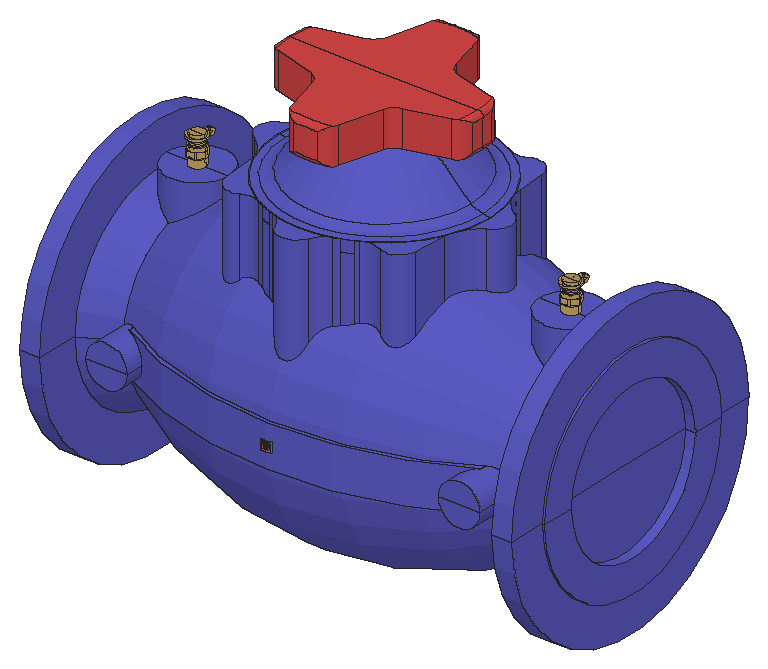
Revit family "Strangregulierventil für Differenzdruckmessung, Geradsitzform 4218 GMF", category Rohrzubehör, Revit 2021
Family settings
  Bemaßung runder Anschluss = Durchmesser verwenden
  Teiletyp = Unterbricht
  OmniClass-Nummer = 23.65.55.14
  OmniClass-Titel = Valves for Liquid Services
  Arbeitsebenenbasiert = Nein
  Immer vertikal = Ja
  Beim Laden mit Abzugskörper schneiden = Nein
  Gemeinsam genutzt = Nein
Parameters
  kvs-Wert [instance] = if(Nennweite = 25.00 mm, 11.53, if(Nennweite = 32.00 mm, 16.6, if(Nennweite = 40.00 mm, 28.6, if(Nennweite = 50.00 mm, 37.84, if(Nennweite = 65.00 mm, 60.3, if(Nennweite = 80.00 mm, 67.8, if(Nennweite = 100.00 mm, 99.55, if(Nennweite = 125.00 mm, 186.58, if(Nennweite = 150.00 mm, 279.05, 0)))))))))  # 279.05
  W02 = 60.00°  # constant formula
  W01 [instance] = if(Nennweite = 25.00 mm, 10.00°, if(Nennweite = 32.00 mm, 10.00°, if(Nennweite = 40.00 mm, 15.00°, if(Nennweite = 50.00 mm, 10.00°, if(Nennweite = 65.00 mm, 25.00°, if(Nennweite = 80.00 mm, 25.00°, 0.80°))))))  # 0.80°
  Vorgabe-Ansicht = 0.00 mm
  Ventiloberteil (bis DN100) = "Messing"  # constant formula
  Ventiloberteil (ab DN125) = "Grauguss"  # constant formula
  Ventilgehäuse = "Grauguss GJL 250 nach EN 1561"  # constant formula
  URL = "www.herz-armaturen.at"
  SCRNSEQ = "ARM;ARM_TYP=\"STRV\";2"
  SCRNCODE = "05;07;02"  # constant formula
  S01 [instance] = Nennweite + 10.00 mm  # 160.00 mm
  R02 [instance] = size_lookup("4218_GMF_", "R2", 1.00 mm, Nennweite)  # 30.00 mm
  R01 [instance] = size_lookup("4218_GMF_", "R1", 1.00 mm, Nennweite)  # 20.00 mm
  O-Ringe = "EPDM"  # constant formula
  Nennweite [instance] = 150.00 mm
  Medium = "Heizwasserqualität entsprechend ÖNORM H 5195 bzw. VDI Richtlinie 2035.\r\nEthylen und Propylenglykol können in einem Verhältnis von 25-50 vol. [%] gemischt werden."
  Max. Betriebstemperatur (bis DN32) = 130 °C  # constant formula
  Max. Betriebstemperatur (ab DN40) = 110 °C  # constant formula
  Max. Betriebsdruck = 1600000.0 Pa  # constant formula
  L03 [instance] = size_lookup("4218_GMF_", "L3", 1.00 mm, Nennweite)  # 180.00 mm
  L02 [instance] = size_lookup("4218_GMF_", "L2", 1.00 mm, Nennweite)  # 170.00 mm
  L01 [instance] = size_lookup("4218_GMF_", "L1", 1.00 mm, Nennweite)  # 185.00 mm
  L00 [instance] = size_lookup("4218_GMF_", "L", 1.00 mm, Nennweite)  # 480.00 mm
  Hersteller = "HERZ Armaturen Ges.m.b.H."  # constant formula
  H08 [instance] = H02 + H04  # 238.50 mm
  H07 = 10.00 mm  # constant formula
  H06 [instance] = size_lookup("4218_GMF_", "H6", 1.00 mm, Nennweite)  # 56.00 mm
  H05 [instance] = size_lookup("4218_GMF_", "H5", 1.00 mm, Nennweite)  # 11.00 mm
  H04 [instance] = size_lookup("4218_GMF_", "H4", 1.00 mm, Nennweite)  # 78.50 mm
  H03 [instance] = size_lookup("4218_GMF_", "H3", 1.00 mm, Nennweite)  # 118.00 mm
  H02N [instance] = H02 + 11.00 mm  # 171.00 mm
  H02 [instance] = size_lookup("4218_GMF_", "H2", 1.00 mm, Nennweite)  # 160.00 mm
  H01 [instance] = size_lookup("4218_GMF_", "H1", 1.00 mm, Nennweite)  # 122.00 mm
  GT = 10.00 mm  # constant formula
  FLL02 [instance] = size_lookup("4218_GMF_", "FLL2", 1.00 mm, Nennweite)  # 19.00 mm
  FLL01 [instance] = size_lookup("4218_GMF_", "FLL1", 1.00 mm, Nennweite)  # 3.00 mm
  FLD03 [instance] = size_lookup("4218_GMF_", "FLD3", 1.00 mm, Nennweite)  # 84.20 mm
  FLD02 [instance] = size_lookup("4218_GMF_", "FLD2", 1.00 mm, Nennweite)  # 101.00 mm
  FLD01 [instance] = size_lookup("4218_GMF_", "FLD1", 1.00 mm, Nennweite)  # 106.00 mm
  FLD00 [instance] = size_lookup("4218_GMF_", "FLD", 1.00 mm, Nennweite)  # 142.50 mm
  Differenzdruckmessnung = "Das STRÖMAX-GMF Strangregulierventil ist mit zwei Schnellmessventilen ausgestattet:\r\nBei Verwendung eines geeigneten Messgerätes kann der Differenzdruck gemessen und dadurch die jeweilige Durchflussmenge in Abhängigkeit der Einstellstufe ermittelt werden.\r\nAn den HERZ-Messcomputern ist außerdem direkt die jeweilige Durchflussmenge ablesbar (siehe Gerätehandbuch)."
  DN80 [instance] = Nennweite = 80.00 mm  # no
  DN65 [instance] = Nennweite = 65.00 mm  # no
  DN50-DN80 [instance] = or(Nennweite = 50.00 mm, Nennweite = 65.00 mm, Nennweite = 80.00 mm)  # no
  DN50 [instance] = Nennweite = 50.00 mm  # no
  DN40 [instance] = Nennweite = 40.00 mm  # no
  DN32 [instance] = Nennweite = 32.00 mm  # no
  DN25-DN40 [instance] = or(Nennweite = 25.00 mm, Nennweite = 32.00 mm, Nennweite = 40.00 mm)  # no
  DN25 [instance] = Nennweite = 25.00 mm  # no
  DN150 [instance] = Nennweite = 150.00 mm  # yes
  DN125 [instance] = Nennweite = 125.00 mm  # no
  DN100-DN125 [instance] = or(Nennweite = 100.00 mm, Nennweite = 125.00 mm, Nennweite = 150.00 mm)  # yes
  DN100 [instance] = Nennweite = 100.00 mm  # no
  D04 [instance] = size_lookup("4218_GMF_", "D4", 1.00 mm, Nennweite)  # 15.00 mm
  D03 [instance] = size_lookup("4218_GMF_", "D3", 1.00 mm, Nennweite)  # 16.00 mm
  D02 [instance] = size_lookup("4218_GMF_", "D2", 1.00 mm, Nennweite)  # 17.00 mm
  D01 [instance] = size_lookup("4218_GMF_", "D1", 1.00 mm, Nennweite)  # 102.50 mm
  D00 [instance] = size_lookup("4218_GMF_", "D", 1.00 mm, Nennweite)  # 140.00 mm
  Bestellnummer [instance] = size_lookup("4218_GMF_", "Artnr", 0, Nennweite)  # 1421851
  BH02 [instance] = -BH01  # -20.00 mm
  BH01 [instance] = if(Nennweite = 25.00 mm, 12.00 mm, if(Nennweite = 32.00 mm, 12.50 mm, if(Nennweite = 40.00 mm, 12.50 mm, if(Nennweite = 50.00 mm, 12.50 mm, if(Nennweite = 65.00 mm, 15.00 mm, if(Nennweite = 80.00 mm, 16.00 mm, if(Nennweite = 100.00 mm, 17.50 mm, if(Nennweite = 125.00 mm, 17.50 mm, if(Nennweite = 150.00 mm, 20.00 mm, 1.00 mm)))))))))  # 20.00 mm
  Ausführung = "Geradsitzform, Gehäuse Grauguss GJL 250 nach EN 1561, Flansche nach EN 1092, PN 16; blau lackiert.\r\nMessing Oberteil bis DN 100 geschraubt, ab DN 125 Ventiloberteil Grauguss mit nicht steigender Spindel, Spindelabdichtung durch Doppel-O-Ring.\r\nVoreinstellung durch Hubbegrenzung mittels Innenspindel, digitale Anzeige der Voreinstellstufe im Handradfenster.\r\nZwei Schnellmessventile sind neben dem Handrad montiert."
  Anwendungen = "Zum hydraulischen Abgleich in Heiz- oder Kühlanlagen, Einregulieren und Absperren von Verteilleitungen, Strängen, Wärmetauschern, Heiz- und Kühlregistern."
  Anschluss [instance] = Nennweite / 2  # 75.00 mm
Reference planes
  plane 1 "Mitte (Vorne/hinten)": y = 0
  plane 2: z = 0
  plane 3 "Mitte (Links/rechts)": x = 0
Forms (mm)
  Revolve 1, solid, material "Herz-Marineblau", detail levels fine
    sketch origin (1058.943, 0, 0) x (1, 0, 0) y (0, 1, 0)
      loop
        line (-1295.943, 142.5) -> (-1295.943, 106) -> (-1298.943, 106) -> (-1298.943, 75) -> (-1288.943, 75) -> (-1288.943, 0) -> (-828.943, 0) -> (-828.943, 75) -> (-818.943, 75) -> (-818.943, 106) -> (-821.943, 106) -> (-821.943, 142.5) -> (-840.943, 142.5) -> (-840.943, 101) -> (-873.943, 84.2)
        arc (-873.943, 84.2) -> (-1058.943, 140) -> (-1243.943, 84.2) r 334.576
        line (-1243.943, 84.2) -> (-1276.943, 101) -> (-1276.943, 142.5) -> (-1295.943, 142.5)
      axis (-1298.943, 0) -> (-818.943, 0)
    angle from 0 to 360
  Revolve 2, solid, material "Herz-Marineblau", detail levels fine
    sketch origin (0, 0, 0) x (1, 0, 0) y (0, 1, 0)
      loop
        line (-170, 122) -> (-190, 122) -> (-190, -122) -> (-170, -122) -> (-170, 122)
      axis (-170, 122) -> (-170, -122)
    angle from 0 to 360
  Revolve 3, solid, material "Herz-Marineblau", detail levels fine
    sketch origin (0, 0, 0) x (-1, 0, 0) y (0, 1, 0)
      loop
        line (-170, 122) -> (-190, 122) -> (-190, -122) -> (-170, -122) -> (-170, 122)
      axis (-170, 122) -> (-170, -122)
    angle from 0 to 360
  Revolve 4, solid, material "Herz-Marineblau", detail levels fine
    sketch origin (0, 0, 0) x (1, 0, 0) y (0, 0, 1)
      loop
        line (0, 0) -> (0, 160) -> (-102.5, 160) -> (-102.5, 0) -> (0, 0)
      axis (0, 160) -> (0, 0)
    angle from 0 to 360
  Revolve 5, solid, material "Herz-Marineblau", detail levels fine
    sketch origin (0, 0, 0) x (1, 0, 0) y (0, 0, 1)
      loop
        line (-178.413, 4.322) -> (-148.416, 4.741) -> (-150.003, 118.419) -> (-180, 118) -> (-178.413, 4.322)
      axis (-180, 118) -> (-178.413, 4.322)
    angle from 0 to 360
  Revolve 6, solid, material "Herz-Marineblau", detail levels fine
    sketch origin (0, 0, 0) x (-1, 0, 0) y (0, 0, 1)
      loop
        line (-178.413, 4.322) -> (-148.416, 4.741) -> (-150.003, 118.419) -> (-180, 118) -> (-178.413, 4.322)
      axis (-180, 118) -> (-178.413, 4.322)
    angle from 0 to 360
  Extrusion 7, solid, material "Herz-Marineblau", visible <- "DN25", detail levels fine
    sketch origin (0, 0, 0) x (1, 0, 0) y (0, 1, 0)
      loop
        line (-40, 18.232) -> (-40, -18.232)
        arc (-40, -18.232) -> (0, -31) -> (40, -18.232) r 69.038
        line (40, -18.232) -> (40, 18.232)
        arc (40, 18.232) -> (0, 31) -> (-40, 18.232) r 69.038
    from -20 <- "BH02" to 20 <- "BH01"
  Extrusion 8, solid, material "Herz-Marineblau", visible <- "DN32", detail levels fine
    sketch origin (0, 0, 0) x (1, 0, 0) y (0, 1, 0)
      loop
        line (-50, 21.35) -> (-50, -21.35)
        arc (-50, -21.35) -> (0, -37) -> (50, -21.35) r 87.698
        line (50, -21.35) -> (50, 21.35)
        arc (50, 21.35) -> (0, 37) -> (-50, 21.35) r 87.698
    from -20 <- "BH02" to 20 <- "BH01"
  Extrusion 9, solid, material "Herz-Marineblau", visible <- "DN40", detail levels fine
    sketch origin (0, 0, 0) x (1, 0, 0) y (0, 1, 0)
      loop
        arc (-60, -22.89) -> (0, -39) -> (60, -22.89) r 119.787
        line (60, -22.89) -> (60, 22.89)
        arc (60, 22.89) -> (0, 39) -> (-60, 22.89) r 119.787
        line (-60, 22.89) -> (-60, -22.89)
    from -20 <- "BH02" to 20 <- "BH01"
  Extrusion 10, solid, material "Herz-Marineblau", visible <- "DN50", detail levels fine
    sketch origin (0, 0, 0) x (1, 0, 0) y (0, 1, 0)
      loop
        line (70, -31.244) -> (70, 31.244)
        arc (70, 31.244) -> (0, 44) -> (-70, 31.244) r 198.442
        line (-70, 31.244) -> (-70, -31.244)
        arc (-70, -31.244) -> (0, -44) -> (70, -31.244) r 198.442
    from -20 <- "BH02" to 20 <- "BH01"
  Extrusion 11, solid, material "Herz-Marineblau", visible <- "DN65", detail levels fine
    sketch origin (0, 0, 0) x (1, 0, 0) y (0, 1, 0)
      loop
        line (-89, 42.065) -> (-89, -42.065)
        arc (-89, -42.065) -> (0, -53) -> (89, -42.065) r 367.662
        line (89, -42.065) -> (89, 42.065)
        arc (89, 42.065) -> (0, 53) -> (-89, 42.065) r 367.662
    from -20 <- "BH02" to 20 <- "BH01"
  Extrusion 12, solid, material "Herz-Marineblau", visible <- "DN80", detail levels fine
    sketch origin (0, 0, 0) x (1, 0, 0) y (0, 1, 0)
      loop
        arc (-100, -47.474) -> (0, -56.538) -> (100, -47.474) r 556.156
        line (100, -47.474) -> (100, 47.474)
        arc (100, 47.474) -> (0, 56.538) -> (-100, 47.474) r 556.156
        line (-100, 47.474) -> (-100, -47.474)
    from -20 <- "BH02" to 20 <- "BH01"
  Extrusion 13, solid, material "Herz-Marineblau", visible <- "DN100", detail levels fine
    sketch origin (0, 0, 0) x (1, 0, 0) y (0, 1, 0)
      loop
        line (-118, 61.457) -> (-118, -61.457)
        arc (-118, -61.457) -> (0, -84.506) -> (118, -61.457) r 313.571
        line (118, -61.457) -> (118, 61.457)
        arc (118, 61.457) -> (0, 84.506) -> (-118, 61.457) r 313.571
    from -20 <- "BH02" to 20 <- "BH01"
  Extrusion 14, solid, material "Herz-Marineblau", visible <- "DN125", detail levels fine
    sketch origin (0, 0, 0) x (1, 0, 0) y (0, 1, 0)
      loop
        line (-140, 76.087) -> (-140, -76.087)
        arc (-140, -76.087) -> (0, -121.009) -> (140, -76.087) r 240.621
        line (140, -76.087) -> (140, 76.087)
        arc (140, 76.087) -> (0, 121.009) -> (-140, 76.087) r 240.621
    from -20 <- "BH02" to 20 <- "BH01"
  Extrusion 15, solid, material "Herz-Marineblau", visible <- "DN150", detail levels fine
    sketch origin (0, 0, 0) x (1, 0, 0) y (0, 1, 0)
      loop
        arc (-170, -95.905) -> (0, -141.967) -> (170, -95.905) r 336.739
        line (170, -95.905) -> (170, 95.905)
        arc (170, 95.905) -> (0, 141.967) -> (-170, 95.905) r 336.739
        line (-170, 95.905) -> (-170, -95.905)
    from -20 <- "BH02" to 20 <- "BH01"
  Extrusion 16, solid, material "Herz-Marineblau", visible <- "DN125", detail levels fine
    sketch origin (0, 0, 0) x (1, 0, 0) y (0, 1, 0)
      loop
        arc (15.676, 98.149) -> (0, 109.5) -> (-15.676, 98.149) r 16.5
        arc (-15.676, 98.149) -> (-20.502, 90.282) -> (-28.346, 85.419) r 20
        arc (-28.346, 85.419) -> (-34.369, 83.168) -> (-40.215, 80.492) r 90
        arc (-40.215, 80.492) -> (-49.468, 78.32) -> (-58.678, 80.663) r 20
        arc (-58.678, 80.663) -> (-75.166, 79.318) -> (-82.2, 64.344) r 16.5
        line (-82.2, 64.344) -> (-85.23, 28.819)
        arc (-85.23, 28.819) -> (-90.21, 20.539) -> (-98.49, 15.56) r 20
        arc (-98.49, 15.56) -> (-109.5, 0) -> (-98.49, -15.56) r 16.5
        arc (-98.49, -15.56) -> (-90.21, -20.539) -> (-85.23, -28.819) r 20
        line (-85.23, -28.819) -> (-82.2, -64.344)
        arc (-82.2, -64.344) -> (-75.166, -79.318) -> (-58.678, -80.663) r 16.5
        arc (-58.678, -80.663) -> (-49.468, -78.32) -> (-40.215, -80.492) r 20
        arc (-40.215, -80.492) -> (-34.369, -83.168) -> (-28.346, -85.419) r 90
        arc (-28.346, -85.419) -> (-20.502, -90.282) -> (-15.676, -98.149) r 20
        arc (-15.676, -98.149) -> (0, -109.5) -> (15.676, -98.149) r 16.5
        arc (15.676, -98.149) -> (20.502, -90.282) -> (28.346, -85.419) r 20
        arc (28.346, -85.419) -> (34.369, -83.168) -> (40.215, -80.492) r 90
        arc (40.215, -80.492) -> (49.468, -78.32) -> (58.678, -80.663) r 20
        arc (58.678, -80.663) -> (75.166, -79.318) -> (82.2, -64.344) r 16.5
        line (82.2, -64.344) -> (85.23, -28.819)
        arc (85.23, -28.819) -> (90.21, -20.539) -> (98.49, -15.56) r 20
        arc (98.49, -15.56) -> (109.5, 0) -> (98.49, 15.56) r 16.5
        arc (98.49, 15.56) -> (90.21, 20.539) -> (85.23, 28.819) r 20
        line (85.23, 28.819) -> (82.2, 64.344)
        arc (82.2, 64.344) -> (75.166, 79.318) -> (58.678, 80.663) r 16.5
        arc (58.678, 80.663) -> (49.468, 78.32) -> (40.215, 80.492) r 20
        arc (40.215, 80.492) -> (34.369, 83.168) -> (28.346, 85.419) r 90
        arc (28.346, 85.419) -> (20.502, 90.282) -> (15.676, 98.149) r 20
    from 0 to 171 <- "H02N"
  Extrusion 17, solid, material "Herz-Marineblau", visible <- "DN150", detail levels fine
    sketch origin (0, 0, 0) x (1, 0, 0) y (0, 1, 0)
      loop
        arc (16.1, 110.958) -> (0, 122.5) -> (-16.1, 110.958) r 17
        arc (-16.1, 110.958) -> (-21.16, 102.981) -> (-29.318, 98.218) r 19.995
        arc (-29.318, 98.218) -> (-39.225, 94.698) -> (-48.72, 90.181) r 102.5
        arc (-48.72, 90.181) -> (-57.856, 87.781) -> (-67.075, 89.844) r 19.995
        arc (-67.075, 89.844) -> (-82.996, 89.381) -> (-91.547, 75.943) r 17
        line (-91.547, 75.943) -> (-94.4, 39.936)
        arc (-94.4, 39.936) -> (-101.42, 25.402) -> (-113.679, 14.903) r 39.4
        arc (-113.679, 14.903) -> (-122.5, 0) -> (-113.679, -14.903) r 17
        arc (-113.679, -14.903) -> (-101.42, -25.402) -> (-94.4, -39.936) r 39.4
        line (-94.4, -39.936) -> (-91.547, -75.943)
        arc (-91.547, -75.943) -> (-82.996, -89.381) -> (-67.075, -89.844) r 17
        arc (-67.075, -89.844) -> (-57.856, -87.781) -> (-48.72, -90.181) r 19.995
        arc (-48.72, -90.181) -> (-39.225, -94.698) -> (-29.318, -98.218) r 102.5
        arc (-29.318, -98.218) -> (-21.16, -102.981) -> (-16.1, -110.958) r 19.995
        arc (-16.1, -110.958) -> (0, -122.5) -> (16.1, -110.958) r 17
        arc (16.1, -110.958) -> (21.16, -102.981) -> (29.318, -98.218) r 19.995
        arc (29.318, -98.218) -> (39.225, -94.698) -> (48.72, -90.181) r 102.5
        arc (48.72, -90.181) -> (57.856, -87.781) -> (67.075, -89.844) r 19.995
        arc (67.075, -89.844) -> (82.996, -89.381) -> (91.547, -75.943) r 17
        line (91.547, -75.943) -> (93.96, -45.484)
        arc (93.96, -45.484) -> (99.132, -28.867) -> (110.958, -16.1) r 39.4
        arc (110.958, -16.1) -> (122.5, 0) -> (110.958, 16.1) r 17
        arc (110.958, 16.1) -> (99.132, 28.867) -> (93.96, 45.484) r 39.4
        line (93.96, 45.484) -> (91.547, 75.943)
        arc (91.547, 75.943) -> (82.996, 89.381) -> (67.075, 89.844) r 17
        arc (67.075, 89.844) -> (57.856, 87.781) -> (48.72, 90.181) r 19.995
        arc (48.72, 90.181) -> (39.225, 94.698) -> (29.318, 98.218) r 102.5
        arc (29.318, 98.218) -> (21.16, 102.981) -> (16.1, 110.958) r 19.995
    from 0 to 171 <- "H02N"
  Revolve 18, solid, material "Herz-Marineblau", detail levels fine
    sketch origin (0, 0, 0) x (1, 0, 0) y (0, 0, 1)
      loop
        line (0, 160) -> (0, 238.5) -> (-15, 238.5) -> (-15, 228.5) -> (-16, 228.5) -> (-16, 227) -> (-17, 227) -> (-17, 171) -> (-102.5, 171) -> (-102.5, 160) -> (0, 160)
      axis (0, 238.5) -> (0, 160)
    angle from 0 to 360
  Revolve 19, solid, material "Herz-Marineblau", visible <- "DN125", detail levels fine
    sketch origin (0, 0, 143) x (1, 0, 0) y (0, 0, 1)
      loop
        line (0, 0) -> (0, 62) -> (-15, 62) -> (-15, 52) -> (-21.8, 52)
        arc (-21.8, 52) -> (-23.44, 48.297) -> (-27.284, 47.023) r 5
        arc (-27.284, 47.023) -> (-30.294, 46.63) -> (-32.827, 44.959) r 6.752
        arc (-32.827, 44.959) -> (-52.854, 27.042) -> (-71.197, 7.406) r 300
        arc (-71.197, 7.406) -> (-77.249, 2.612) -> (-84.666, 0.467) r 20
        line (-84.666, 0.467) -> (-90, 0) -> (0, 0)
      axis (0, 62) -> (0, 0)
    angle from 0 to 360
  Revolve 20, solid, material "Herz-Marineblau", visible <- "DN150", detail levels fine
    sketch origin (0, 0, 171) x (1, 0, 0) y (0, 0, 1)
      loop
        line (0, 67.5) -> (-15, 67.5) -> (-15, 57.5) -> (-21.8, 57.5)
        arc (-21.8, 57.5) -> (-23.44, 53.797) -> (-27.284, 52.523) r 5
        arc (-27.284, 52.523) -> (-29.026, 52.21) -> (-30.549, 51.31) r 5
        arc (-30.549, 51.31) -> (-58.499, 29.932) -> (-83.754, 5.428) r 300
        arc (-83.754, 5.428) -> (-89.037, 2.148) -> (-95.072, 0.65) r 20
        line (-95.072, 0.65) -> (-102.5, 0) -> (0, 0) -> (0, 67.5)
      axis (0, 67.5) -> (0, 0)
    angle from 0 to 360
Lines and regions (mm)
  model lines, detail levels coarse+medium
    curve 1: line (-240, 0, 142.5) -> (-240, 0, -142.5)
    curve 2: line (-240, 0, -142.5) -> (240, 0, 142.5)
    curve 3: line (240, 0, 142.5) -> (240, 0, -142.5)
    curve 4: line (240, 0, -142.5) -> (-240, 0, 142.5)
    curve 5: line (0, 0, 0) -> (137.698, 0, 238.5)
    curve 6: line (68.416, 0, 278.5) -> (206.98, 0, 198.5)
    curve 7: line (-240, 142.5, 0) -> (-240, -142.5, 0)
    curve 8: line (-240, -142.5, 0) -> (240, 142.5, 0)
    curve 9: line (240, 142.5, 0) -> (240, -142.5, 0)
    curve 10: line (240, -142.5, 0) -> (-240, 142.5, 0)
    curve 11: line (0, 0, 0) -> (137.698, 238.5, 0)
    curve 12: line (68.416, 278.5, 0) -> (206.98, 198.5, 0)
Dimensions and locks
  "FLD00": plane 1 "Mitte (Vorne/hinten)" to Revolve 1 sketch curve
  "FLD01": plane 1 "Mitte (Vorne/hinten)" to Revolve 1 sketch curve
  "FLD02": plane 1 "Mitte (Vorne/hinten)" to Revolve 1 sketch curve  (x2)
  "FLD03": plane 1 "Mitte (Vorne/hinten)" to Revolve 1 sketch curve  (x2)
  "GT": Revolve 1 sketch curve to Revolve 1 sketch curve  (x2)
  "FLL01": Revolve 1 sketch curve to Revolve 1 sketch curve  (x2)
  "FLL02": Revolve 1 sketch curve to Revolve 1 sketch curve  (x2)
  equal spacing: Revolve 1 sketch curve, plane 3 "Mitte (Links/rechts)", Revolve 1 sketch curve
  "Anschluss": Revolve 1 sketch curve to plane 1 "Mitte (Vorne/hinten)"
  "Anschluss": plane 1 "Mitte (Vorne/hinten)" to Revolve 1 sketch curve
  "FLD01": Revolve 1 sketch curve to plane 1 "Mitte (Vorne/hinten)"
  "FLD00": Revolve 1 sketch curve to plane 1 "Mitte (Vorne/hinten)"
  "L00": Revolve 1 sketch curve to Revolve 1 sketch curve
  "D00": plane 1 "Mitte (Vorne/hinten)" to Revolve 1 sketch curve
  "L01": Revolve 1 sketch curve to plane 3 "Mitte (Links/rechts)" to Revolve 1 sketch curve
  "L02": Revolve 2 sketch curve to plane 3 "Mitte (Links/rechts)"
  "R01": Revolve 2 sketch curve to Revolve 2 sketch curve
  "H01": Revolve 2 sketch curve to plane 1 "Mitte (Vorne/hinten)" to Revolve 2 sketch curve
  "L02": plane 3 "Mitte (Links/rechts)" to Revolve 3 sketch curve
  "R01": Revolve 3 sketch curve to Revolve 3 sketch curve
  "H01": Revolve 3 sketch curve to plane 1 "Mitte (Vorne/hinten)" to Revolve 3 sketch curve
  "D01": plane 3 "Mitte (Links/rechts)" to Revolve 4 sketch curve
  "H02": Revolve 4 sketch curve to plane 2
  "H03": Revolve 5 sketch curve to plane 2  (x2)
  "R02": Revolve 5 sketch curve to Revolve 5 sketch curve
  "L03": plane 3 "Mitte (Links/rechts)" to Revolve 5 sketch curve  (x2)
  "R02": Revolve 6 sketch curve to Revolve 6 sketch curve
  "L03": Revolve 6 sketch curve to plane 3 "Mitte (Links/rechts)"  (x2)
  "H03": Revolve 6 sketch curve to plane 2  (x2)
  "D01": plane 3 "Mitte (Links/rechts)" to Revolve 18 sketch curve
  "D02": plane 3 "Mitte (Links/rechts)" to Revolve 18 sketch curve
  "D03": plane 3 "Mitte (Links/rechts)" to Revolve 18 sketch curve
  "D04": plane 3 "Mitte (Links/rechts)" to Revolve 18 sketch curve
  "H02": Revolve 18 sketch curve to plane 2
  "H04": Revolve 18 sketch curve to Revolve 18 sketch curve
  "H05": Revolve 18 sketch curve to Revolve 18 sketch curve
  "H06": Revolve 18 sketch curve to Revolve 18 sketch curve
  "H07": Revolve 18 sketch curve to Revolve 18 sketch curve
  "H08": nested 28 to plane 2
  "H08": nested 29 to plane 2
  "H08": nested 30 to plane 2
  "FLD00": curve 4 to plane 2 to curve 2
  "FLD00": curve 3 to plane 2 to curve 4
  equal spacing: curve 1, plane 3 "Mitte (Links/rechts)", curve 3
  "L00": curve 1 to curve 3
  equal spacing: curve 1, curve 5, curve 3
  "H08": curve 5 to plane 2
  equal spacing: curve 6, curve 5, curve 6
  "S01": curve 6 to curve 6
  "FLD00": curve 8 to plane 1 "Mitte (Vorne/hinten)" to curve 10
  "FLD00": curve 10 to plane 1 "Mitte (Vorne/hinten)" to curve 9
  equal spacing: curve 7, plane 3 "Mitte (Links/rechts)", curve 9
  "L00": curve 7 to curve 9
  equal spacing: curve 7, curve 11, curve 9
  "H08": plane 1 "Mitte (Vorne/hinten)" to curve 11
  equal spacing: curve 12, curve 11, curve 12
  "S01": curve 12 to curve 12
  "W01": angle plane 3 "Mitte (Links/rechts)" to Revolve 5 sketch curve  (x2)
  "W01": angle Revolve 6 sketch curve to plane 3 "Mitte (Links/rechts)"  (x2)
  "W02": angle plane 2 to curve 5
  "W02": angle plane 1 "Mitte (Vorne/hinten)" to curve 11
  aligned and locked: level to plane 2
Automatic sketch dimensions
  Extrusion 7 sketch curve to plane 3 "Mitte (Links/rechts)" = 0.00 mm  (x2)
  Extrusion 7 sketch curve to plane 1 "Mitte (Vorne/hinten)" = 18.232 mm  (x2)
  Extrusion 7 sketch curve to plane 3 "Mitte (Links/rechts)" = 40.00 mm
  plane 1 "Mitte (Vorne/hinten)" to Extrusion 7 sketch curve = 18.232 mm
  plane 1 "Mitte (Vorne/hinten)" to Extrusion 7 sketch curve = 38.038 mm
  Extrusion 7 sketch curve to plane 1 "Mitte (Vorne/hinten)" = 38.038 mm
  Extrusion 8 sketch curve to plane 3 "Mitte (Links/rechts)" = 0.00 mm  (x2)
  plane 1 "Mitte (Vorne/hinten)" to Extrusion 8 sketch curve = 21.35 mm  (x2)
  Extrusion 8 sketch curve to plane 3 "Mitte (Links/rechts)" = 50.00 mm
  plane 1 "Mitte (Vorne/hinten)" to Extrusion 8 sketch curve = 50.698 mm
  Extrusion 8 sketch curve to plane 1 "Mitte (Vorne/hinten)" = 21.35 mm
  Extrusion 8 sketch curve to plane 1 "Mitte (Vorne/hinten)" = 50.698 mm
  Extrusion 9 sketch curve to plane 3 "Mitte (Links/rechts)" = 0.00 mm  (x2)
  Extrusion 9 sketch curve to plane 1 "Mitte (Vorne/hinten)" = 22.89 mm  (x2)
  Extrusion 9 sketch curve to plane 3 "Mitte (Links/rechts)" = 60.00 mm
  plane 1 "Mitte (Vorne/hinten)" to Extrusion 9 sketch curve = 22.89 mm
  plane 1 "Mitte (Vorne/hinten)" to Extrusion 9 sketch curve = 80.787 mm
  Extrusion 9 sketch curve to plane 1 "Mitte (Vorne/hinten)" = 80.787 mm
  Extrusion 10 sketch curve to plane 3 "Mitte (Links/rechts)" = 0.00 mm  (x2)
  plane 1 "Mitte (Vorne/hinten)" to Extrusion 10 sketch curve = 31.244 mm  (x2)
  Extrusion 10 sketch curve to plane 3 "Mitte (Links/rechts)" = 70.00 mm
  Extrusion 10 sketch curve to Extrusion 10 sketch curve = 123.198 mm  (x2)
  Extrusion 10 sketch curve to plane 1 "Mitte (Vorne/hinten)" = 31.244 mm
  Extrusion 11 sketch curve to plane 3 "Mitte (Links/rechts)" = 0.00 mm  (x2)
  plane 1 "Mitte (Vorne/hinten)" to Extrusion 11 sketch curve = 42.065 mm  (x2)
  Extrusion 11 sketch curve to plane 3 "Mitte (Links/rechts)" = 89.00 mm
  Extrusion 11 sketch curve to Extrusion 11 sketch curve = 272.597 mm  (x2)
  Extrusion 11 sketch curve to plane 1 "Mitte (Vorne/hinten)" = 42.065 mm
  Extrusion 12 sketch curve to plane 3 "Mitte (Links/rechts)" = 0.00 mm  (x2)
  Extrusion 12 sketch curve to plane 1 "Mitte (Vorne/hinten)" = 47.474 mm
  Extrusion 12 sketch curve to plane 3 "Mitte (Links/rechts)" = 100.00 mm
  plane 1 "Mitte (Vorne/hinten)" to Extrusion 12 sketch curve = 47.474 mm
  plane 3 "Mitte (Links/rechts)" to Extrusion 12 sketch curve = 100.00 mm
  Extrusion 12 sketch curve to Extrusion 12 sketch curve = 452.143 mm  (x2)
  Extrusion 13 sketch curve to plane 3 "Mitte (Links/rechts)" = 0.00 mm  (x2)
  plane 1 "Mitte (Vorne/hinten)" to Extrusion 13 sketch curve = 61.457 mm  (x2)
  Extrusion 13 sketch curve to plane 3 "Mitte (Links/rechts)" = 118.00 mm
  Extrusion 13 sketch curve to Extrusion 13 sketch curve = 167.608 mm  (x2)
  Extrusion 13 sketch curve to plane 1 "Mitte (Vorne/hinten)" = 61.457 mm
  Extrusion 14 sketch curve to plane 3 "Mitte (Links/rechts)" = 0.00 mm  (x2)
  plane 1 "Mitte (Vorne/hinten)" to Extrusion 14 sketch curve = 76.087 mm  (x2)
  Extrusion 14 sketch curve to plane 3 "Mitte (Links/rechts)" = 140.00 mm
  plane 1 "Mitte (Vorne/hinten)" to Extrusion 14 sketch curve = 119.612 mm
  Extrusion 14 sketch curve to plane 1 "Mitte (Vorne/hinten)" = 76.087 mm
  Extrusion 14 sketch curve to plane 1 "Mitte (Vorne/hinten)" = 119.612 mm
  Extrusion 15 sketch curve to plane 3 "Mitte (Links/rechts)" = 0.00 mm  (x2)
  Extrusion 15 sketch curve to plane 1 "Mitte (Vorne/hinten)" = 95.905 mm  (x2)
  Extrusion 15 sketch curve to plane 3 "Mitte (Links/rechts)" = 170.00 mm
  plane 1 "Mitte (Vorne/hinten)" to Extrusion 15 sketch curve = 95.905 mm
  plane 1 "Mitte (Vorne/hinten)" to Extrusion 15 sketch curve = 194.771 mm
  Extrusion 15 sketch curve to plane 1 "Mitte (Vorne/hinten)" = 194.771 mm
  plane 1 "Mitte (Vorne/hinten)" to Extrusion 16 sketch curve = 0.00 mm  (x2)
  Extrusion 16 sketch curve to plane 3 "Mitte (Links/rechts)" = 0.00 mm  (x2)
  plane 1 "Mitte (Vorne/hinten)" to Extrusion 16 sketch curve = 0.047 mm  (x2)
  Extrusion 16 sketch curve to plane 3 "Mitte (Links/rechts)" = 0.141 mm
  Extrusion 16 sketch curve to plane 1 "Mitte (Vorne/hinten)" = 0.047 mm  (x2)
  Extrusion 16 sketch curve to Extrusion 16 sketch curve = 0.00 mm  (x10)
  Extrusion 16 sketch curve to plane 3 "Mitte (Links/rechts)" = 34.677 mm  (x2)
  Extrusion 16 sketch curve to Extrusion 16 sketch curve = 14.605 mm  (x4)
  Extrusion 16 sketch curve to Extrusion 16 sketch curve = 16.479 mm  (x4)
  Extrusion 16 sketch curve to Extrusion 16 sketch curve = 16.439 mm  (x4)
  Extrusion 16 sketch curve to Extrusion 16 sketch curve = 3.03 mm  (x4)
  plane 1 "Mitte (Vorne/hinten)" to Extrusion 16 sketch curve = 28.819 mm  (x2)
  Extrusion 16 sketch curve to Extrusion 16 sketch curve = 7.77 mm  (x2)
  Extrusion 16 sketch curve to Extrusion 16 sketch curve = 19.122 mm  (x4)
  plane 3 "Mitte (Links/rechts)" to Extrusion 16 sketch curve = 0.141 mm
  plane 3 "Mitte (Links/rechts)" to Extrusion 16 sketch curve = 34.677 mm  (x2)
  Extrusion 16 sketch curve to Extrusion 16 sketch curve = 5.862 mm  (x4)
  Extrusion 16 sketch curve to Extrusion 16 sketch curve = 35.525 mm  (x4)
  Extrusion 16 sketch curve to Extrusion 16 sketch curve = 1.417 mm  (x4)
  Extrusion 16 sketch curve to Extrusion 16 sketch curve = 27.239 mm  (x2)
  Extrusion 16 sketch curve to Extrusion 16 sketch curve = 32.558 mm  (x4)
  Extrusion 16 sketch curve to Extrusion 16 sketch curve = 6.072 mm  (x4)
  Extrusion 16 sketch curve to plane 1 "Mitte (Vorne/hinten)" = 28.819 mm  (x2)
  Extrusion 16 sketch curve to plane 3 "Mitte (Links/rechts)" = 15.676 mm  (x2)
  Extrusion 16 sketch curve to Extrusion 16 sketch curve = 11.869 mm  (x4)
  Extrusion 16 sketch curve to plane 1 "Mitte (Vorne/hinten)" = 15.56 mm
  plane 1 "Mitte (Vorne/hinten)" to Extrusion 16 sketch curve = 15.56 mm
  Extrusion 17 sketch curve to Extrusion 17 sketch curve = 0.00 mm  (x25)
  plane 1 "Mitte (Vorne/hinten)" to Extrusion 17 sketch curve = 0.00 mm  (x3)
  Extrusion 17 sketch curve to plane 3 "Mitte (Links/rechts)" = 0.00 mm  (x3)
  Extrusion 17 sketch curve to plane 3 "Mitte (Links/rechts)" = 35.037 mm  (x2)
  Extrusion 17 sketch curve to Extrusion 17 sketch curve = 23.187 mm  (x4)
  Extrusion 17 sketch curve to Extrusion 17 sketch curve = 16.376 mm  (x4)
  Extrusion 17 sketch curve to Extrusion 17 sketch curve = 16.947 mm  (x4)
  Extrusion 17 sketch curve to plane 1 "Mitte (Vorne/hinten)" = 39.936 mm
  Extrusion 17 sketch curve to Extrusion 17 sketch curve = 2.853 mm  (x2)
  plane 1 "Mitte (Vorne/hinten)" to Extrusion 17 sketch curve = 39.936 mm
  Extrusion 17 sketch curve to Extrusion 17 sketch curve = 11.10 mm
  Extrusion 17 sketch curve to Extrusion 17 sketch curve = 38.236 mm  (x2)
  plane 3 "Mitte (Links/rechts)" to Extrusion 17 sketch curve = 35.037 mm  (x2)
  plane 1 "Mitte (Vorne/hinten)" to Extrusion 17 sketch curve = 45.484 mm
  Extrusion 17 sketch curve to Extrusion 17 sketch curve = 2.414 mm  (x2)
  Extrusion 17 sketch curve to plane 1 "Mitte (Vorne/hinten)" = 45.484 mm
  Extrusion 17 sketch curve to Extrusion 17 sketch curve = 11.54 mm
  Extrusion 17 sketch curve to Extrusion 17 sketch curve = 39.277 mm  (x2)
  Extrusion 17 sketch curve to Extrusion 17 sketch curve = 3.113 mm  (x2)
  Extrusion 17 sketch curve to Extrusion 17 sketch curve = 9.507 mm  (x2)
  Extrusion 17 sketch curve to Extrusion 17 sketch curve = 29.116 mm  (x2)
  Extrusion 17 sketch curve to Extrusion 17 sketch curve = 34.664 mm  (x2)
  Extrusion 17 sketch curve to Extrusion 17 sketch curve = 1.343 mm  (x4)
  Extrusion 17 sketch curve to Extrusion 17 sketch curve = 30.90 mm  (x2)
  Extrusion 17 sketch curve to Extrusion 17 sketch curve = 33.174 mm  (x4)
  Extrusion 17 sketch curve to Extrusion 17 sketch curve = 9.604 mm  (x4)
  Extrusion 17 sketch curve to plane 3 "Mitte (Links/rechts)" = 16.10 mm  (x2)
  plane 1 "Mitte (Vorne/hinten)" to Extrusion 17 sketch curve = 16.10 mm
  Revolve 19 sketch curve to plane 3 "Mitte (Links/rechts)" = 0.00 mm  (x2)
  Revolve 19 sketch curve to Revolve 19 sketch curve = 15.00 mm
  Revolve 19 sketch curve to Revolve 19 sketch curve = 6.80 mm
  Revolve 19 sketch curve to Revolve 19 sketch curve = 5.00 mm
  Revolve 19 sketch curve to Revolve 19 sketch curve = 1.137 mm
  Revolve 19 sketch curve to Revolve 19 sketch curve = 56.729 mm
  Revolve 19 sketch curve to Revolve 19 sketch curve = 1.743 mm
  Revolve 19 sketch curve to Revolve 19 sketch curve = 5.334 mm
  Revolve 19 sketch curve to level = 44.36 mm
  plane 3 "Mitte (Links/rechts)" to Revolve 19 sketch curve = 156.983 mm
  level to Revolve 19 sketch curve = 143.00 mm
  Revolve 19 sketch curve to Revolve 19 sketch curve = 0.467 mm
  Revolve 19 sketch curve to Revolve 19 sketch curve = 19.924 mm
  Revolve 19 sketch curve to Revolve 19 sketch curve = 40.303 mm
  Revolve 19 sketch curve to Revolve 19 sketch curve = 11.697 mm
  Revolve 19 sketch curve to Revolve 19 sketch curve = 10.00 mm
  Revolve 19 sketch curve to Revolve 19 sketch curve = 0.00 mm
  Revolve 19 sketch curve to Revolve 19 sketch curve = 5.544 mm
  Revolve 19 sketch curve to level = 223.045 mm
  Revolve 19 sketch curve to Revolve 19 sketch curve = 2152.315 mm
  level to Revolve 20 sketch curve = 171.00 mm
  Revolve 20 sketch curve to plane 3 "Mitte (Links/rechts)" = 0.00 mm  (x2)
  Revolve 20 sketch curve to plane 3 "Mitte (Links/rechts)" = 15.00 mm
  Revolve 20 sketch curve to Revolve 20 sketch curve = 6.80 mm
  Revolve 20 sketch curve to Revolve 20 sketch curve = 5.00 mm
  Revolve 20 sketch curve to Revolve 20 sketch curve = 0.484 mm
  level to Revolve 20 sketch curve = 171.65 mm
  Revolve 20 sketch curve to Revolve 20 sketch curve = 67.788 mm
  Revolve 20 sketch curve to Revolve 20 sketch curve = 1.743 mm
  Revolve 20 sketch curve to Revolve 20 sketch curve = 7.428 mm
  plane 3 "Mitte (Links/rechts)" to Revolve 20 sketch curve = 137.422 mm
  Revolve 20 sketch curve to level = 26.257 mm
  Revolve 20 sketch curve to Revolve 20 sketch curve = 19.924 mm
  level to Revolve 20 sketch curve = 218.523 mm
  Revolve 20 sketch curve to Revolve 20 sketch curve = 9.977 mm
  Revolve 20 sketch curve to Revolve 20 sketch curve = 10.00 mm
  Revolve 20 sketch curve to Revolve 20 sketch curve = 3.265 mm
  Revolve 20 sketch curve to Revolve 20 sketch curve = 168.787 mm
  Revolve 20 sketch curve to Revolve 20 sketch curve = 2146.815 mm
  plane 1 "Mitte (Vorne/hinten)" to Revolve 1 sketch curve = 0.00 mm  (x2)
  Revolve 1 sketch curve to Revolve 1 sketch curve = 35.00 mm
  Revolve 1 sketch curve to Revolve 1 sketch curve = 40.00 mm
  Revolve 2 sketch curve to Revolve 2 sketch curve = 0.00 mm  (x3)
  Revolve 3 sketch curve to Revolve 3 sketch curve = 0.00 mm  (x3)
  Revolve 4 sketch curve to level = 0.00 mm
  Revolve 4 sketch curve to plane 3 "Mitte (Links/rechts)" = 0.00 mm  (x2)
  Revolve 4 sketch curve to Revolve 4 sketch curve = 366.045 mm
  Revolve 4 sketch curve to Revolve 4 sketch curve = 2169.315 mm
  level to Revolve 5 sketch curve = 4.322 mm
  Revolve 6 sketch curve to level = 4.322 mm
  Revolve 18 sketch curve to plane 3 "Mitte (Links/rechts)" = 0.00 mm  (x2)
  Revolve 18 sketch curve to level = 366.045 mm
  Revolve 18 sketch curve to Revolve 18 sketch curve = 2130.015 mm
Nested families
  nested 1: "Herz-Logo-vorne" at (0, -31, 0) x (0, 1, 0) z (0, 0, 1), visible <- "DN25", type "Herz-Logo-vorne", detail levels fine
  nested 2: "Herz-Logo-vorne" at (0, -36.982, 0) x (0, 1, 0) z (0, 0, 1), visible <- "DN32", type "Herz-Logo-vorne", detail levels fine
  nested 3: "Herz-Logo-vorne" at (0, -39, 0) x (0, 1, 0) z (0, 0, 1), visible <- "DN40", type "Herz-Logo-vorne", detail levels fine
  nested 4: "Herz-Logo-vorne" at (0, -44, 0) x (0, 1, 0) z (0, 0, 1), visible <- "DN50", type "Herz-Logo-vorne", detail levels fine
  nested 5: "Herz-Logo-vorne" at (0, -52.982, 0) x (0, 1, 0) z (0, 0, 1), visible <- "DN65", type "Herz-Logo-vorne", detail levels fine
  nested 6: "Herz-Logo-vorne" at (0, -56.521, 0) x (0, 1, 0) z (0, 0, 1), visible <- "DN80", type "Herz-Logo-vorne", detail levels fine
  nested 7: "Herz-Logo-vorne" at (0, -84.489, 0) x (0, 1, 0) z (0, 0, 1), visible <- "DN100", type "Herz-Logo-vorne", detail levels fine
  nested 8: "Herz-Logo-vorne" at (0, -120.991, 0) x (0, 1, 0) z (0, 0, 1), visible <- "DN125", type "Herz-Logo-vorne", detail levels fine
  nested 9: "Herz-Logo-vorne" at (0, -141.95, 0) x (0, 1, 0) z (0, 0, 1), visible <- "DN150", type "Herz-Logo-vorne", detail levels fine
  nested 10: "Messstutzen_Band_Austritt_senkrecht_(oben 10)" at (40.437, 0, 23.137), visible <- "DN25", type "Messstutzen_Band_Austritt_senkrecht_(oben 10)"
    with Schutzkappe yes, Nennweite 0.00 mm, Gewicht 0.00 kg, Bestellnummer 0
  nested 11: "Messstutzen_Band_Austritt_senkrecht_(oben 10)" at (46.437, 0, 23.137), visible <- "DN32", type "Messstutzen_Band_Austritt_senkrecht_(oben 10)"
    with Schutzkappe yes, Nennweite 0.00 mm, Gewicht 0.00 kg, Bestellnummer 0
  nested 12: "Messstutzen_Band_Austritt_senkrecht_(oben 15)" at (49.671, 0, 29.307), visible <- "DN40", type "Messstutzen_Band_Austritt_senkrecht_(oben 15)"
    with Schutzkappe yes, Nennweite 0.00 mm, Gewicht 0.00 kg, Bestellnummer 0
  nested 13: "Messstutzen_Band_Austritt_senkrecht_(oben 10)" at (63.437, 0, 39.137), visible <- "DN50", type "Messstutzen_Band_Austritt_senkrecht_(oben 10)"
    with Schutzkappe yes, Nennweite 0.00 mm, Gewicht 0.00 kg, Bestellnummer 0
  nested 14: "Messstutzen_Band_Austritt_senkrecht_(oben 25)" at (73.196, 0, 51.843), visible <- "DN65", type "Messstutzen_Band_Austritt_senkrecht_(oben 25)"
    with Schutzkappe yes, Nennweite 0.00 mm, Gewicht 0.00 kg, Bestellnummer 0
  nested 15: "Messstutzen_Band_Austritt_senkrecht_(oben 25)" at (81.196, 0, 56.843), visible <- "DN80", type "Messstutzen_Band_Austritt_senkrecht_(oben 25)"
    with Schutzkappe yes, Nennweite 0.00 mm, Gewicht 0.00 kg, Bestellnummer 0
  nested 16: "Messstutzen_Band_Austritt_senkrecht_(oben 0.8)" at (124.874, 0, 67.001), visible <- "DN100", type "Messstutzen_Band_Austritt_senkrecht_(oben 0.8)"
    with Schutzkappe yes, Nennweite 0.00 mm, Gewicht 0.00 kg, Bestellnummer 0
  nested 17: "Messstutzen_Band_Austritt_senkrecht_(oben 0.8)" at (153.874, 0, 91.001), visible <- "DN125", type "Messstutzen_Band_Austritt_senkrecht_(oben 0.8)"
    with Schutzkappe yes, Nennweite 0.00 mm, Gewicht 0.00 kg, Bestellnummer 0
  nested 18: "Messstutzen_Band_Austritt_senkrecht_(oben 0.8)" at (179.874, 0, 109.001), visible <- "DN150", type "Messstutzen_Band_Austritt_senkrecht_(oben 0.8)"
    with Schutzkappe yes, Nennweite 0.00 mm, Gewicht 0.00 kg, Bestellnummer 0
  nested 19: "Messstutzen_Band_Eintritt_senkrecht_(oben 10)" at (-40.437, 0, 23.137), visible <- "DN25", type "Messstutzen_Band_Eintritt_senkrecht_(oben 10)"
    with Schutzkappe yes, Nennweite 0.00 mm, Gewicht 0.00 kg, Bestellnummer 0
  nested 20: "Messstutzen_Band_Eintritt_senkrecht_(oben 10)" at (-46.437, 0, 23.137), visible <- "DN32", type "Messstutzen_Band_Eintritt_senkrecht_(oben 10)"
    with Schutzkappe yes, Nennweite 0.00 mm, Gewicht 0.00 kg, Bestellnummer 0
  nested 21: "Messstutzen_Band_Eintritt_senkrecht_(oben 15)" at (-49.671, 0, 29.307), visible <- "DN40", type "Messstutzen_Band_Eintritt_senkrecht_(oben 15)"
    with Schutzkappe yes, Nennweite 0.00 mm, Gewicht 0.00 kg, Bestellnummer 0
  nested 22: "Messstutzen_Band_Eintritt_senkrecht_(oben 10)" at (-63.437, 0, 39.137), visible <- "DN50", type "Messstutzen_Band_Eintritt_senkrecht_(oben 10)"
    with Schutzkappe yes, Nennweite 0.00 mm, Gewicht 0.00 kg, Bestellnummer 0
  nested 23: "Messstutzen_Band_Eintritt_senkrecht_(oben 25)" at (-73.196, 0, 51.843), visible <- "DN65", type "Messstutzen_Band_Eintritt_senkrecht_(oben 25)"
    with Schutzkappe yes, Nennweite 0.00 mm, Gewicht 0.00 kg, Bestellnummer 0
  nested 24: "Messstutzen_Band_Eintritt_senkrecht_(oben 25)" at (-81.196, 0, 56.843), visible <- "DN80", type "Messstutzen_Band_Eintritt_senkrecht_(oben 25)"
    with Schutzkappe yes, Nennweite 0.00 mm, Gewicht 0.00 kg, Bestellnummer 0
  nested 25: "Messstutzen_Band_Eintritt_senkrecht_(oben 0.8)" at (-124.874, 0, 67.001), visible <- "DN100", type "Messstutzen_Band_Eintritt_senkrecht_(oben 0.8)"
    with Schutzkappe yes, Nennweite 0.00 mm, Gewicht 0.00 kg, Bestellnummer 0
  nested 26: "Messstutzen_Band_Eintritt_senkrecht_(oben 0.8)" at (-153.874, 0, 91.001), visible <- "DN125", type "Messstutzen_Band_Eintritt_senkrecht_(oben 0.8)"
    with Schutzkappe yes, Nennweite 0.00 mm, Gewicht 0.00 kg, Bestellnummer 0
  nested 27: "Messstutzen_Band_Eintritt_senkrecht_(oben 0.8)" at (-179.874, 0, 109.001), visible <- "DN150", type "Messstutzen_Band_Eintritt_senkrecht_(oben 0.8)"
    with Schutzkappe yes, Nennweite 0.00 mm, Gewicht 0.00 kg, Bestellnummer 0
  nested 28: "Strangregulierventil-Handrad-Gerade (Rot) DN15-DN40" at (0, 0, 238.5), visible <- "DN25-DN40", type "Strangregulierventil-Handrad-Gerade (Rot) DN15-DN40"
    with Nennweite 0.00 mm, Gewicht 0.00 kg, Bestellnummer 0
  nested 29: "Strangregulierventil-Handrad-Gerade (Rot) DN50-DN80" at (0, 0, 238.5), visible <- "DN50-DN80", type "Strangregulierventil-Handrad-Gerade (Rot) DN50-DN80"
    with Nennweite 0.00 mm, Gewicht 0.00 kg, Bestellnummer 0
  nested 30: "Strangregulierventil-Handrad-Gerade (Rot) DN100-DN150" at (0, 0, 238.5), visible <- "DN100-DN125", type "Strangregulierventil-Handrad-Gerade (Rot) DN100-DN150"
    with Nennweite 0.00 mm, Gewicht 0.00 kg, Bestellnummer 0
Connectors
  piping at (-240, 0, 0), diameter 150, driven by "Nennweite"
    settings: on Revolve 1, index 1, connector inside diameter 609.6 mm, connector length 0.00 mm, flow factor 0, pipe flow 0.0 L/s, pressure drop 0.0 Pa, fitting loss kfactor 0, connector angle 0.00°, fixture units 0, engagement length 0.00 mm, angle of deflection 0.00°, flow configuration 0, flow direction 1, fitting loss method 0, system type 29, joint type 0, gender type 0, connector reference index -1, connector utility 0, adjustable connector no, is connector primary yes, connector description ""
  piping at (240, 0, 0), diameter 150, driven by "Nennweite"
    settings: on Revolve 1, index 2, connector inside diameter 609.6 mm, connector length 0.00 mm, flow factor 0, pipe flow 0.0 L/s, pressure drop 0.0 Pa, fitting loss kfactor 0, connector angle 0.00°, fixture units 0, engagement length 0.00 mm, angle of deflection 0.00°, flow configuration 0, flow direction 2, fitting loss method 0, system type 29, joint type 0, gender type 0, connector reference index -1, connector utility 0, adjustable connector no, is connector primary no, connector description ""
Definition of nested family "Herz-Logo-vorne"
  Parameters (values of type "Herz-Logo-vorne")
    Default Elevation = 0.00 mm
  Reference planes
    plane 1 "Mitte (Vorne/hinten)": y = 0
    plane 2: z = 0
    plane 3 "Mitte (Links/rechts)": x = 0
  Forms (mm)
    Extrusion 1, solid
      sketch origin (0.732, -0.018, 0.017) x (0, -1, 0) y (0, 0, 1)
        loop
          line (-0.018, -4.517) -> (4.482, -4.517) -> (4.482, 4.483) -> (-4.518, 4.483) -> (-4.518, -4.517) -> (-0.018, -4.517)
        loop
          line (-0.05, -3.48) -> (3.482, -3.48) -> (3.482, 3.483) -> (-3.518, 3.483) -> (-3.518, -3.48) -> (-0.05, -3.48)
        loop
          arc (-0.018, 2.383) -> (-1.543, 3.287) -> (-3.067, 2.383) r 1.738
          arc (-3.067, 2.383) -> (-3.191, 1.899) -> (-3.067, 1.415) r 1.009
          line (-3.067, 1.415) -> (-0.018, -3.281) -> (3.032, 1.415)
          arc (3.032, 1.415) -> (3.156, 1.899) -> (3.032, 2.383) r 1.009
          arc (3.032, 2.383) -> (1.507, 3.287) -> (-0.018, 2.383) r 1.738
        loop
          arc (1.885, 1.272) -> (2.005, 1.675) -> (1.885, 2.079) r 0.74
          arc (1.885, 2.079) -> (1.265, 2.416) -> (0.644, 2.079) r 0.74
          line (0.644, 2.079) -> (-0.018, 0.97) -> (-0.679, 2.079)
          arc (-0.679, 2.079) -> (-1.3, 2.416) -> (-1.921, 2.079) r 0.74
          arc (-1.921, 2.079) -> (-2.04, 1.675) -> (-1.921, 1.272) r 0.74
          line (-1.921, 1.272) -> (-0.018, -1.658) -> (1.885, 1.272)
      from 0 to 1.5
  Dimensions and locks
    aligned and locked: level to plane 2
Definition of nested family "Messstutzen_Band_Austritt_senkrecht_(oben 10)"
  Parameters (values of type "Messstutzen_Band_Austritt_senkrecht_(oben 10)")
    Default Elevation = 0.00 mm
    URL = "www.herz-armaturen.at"
    Schutzkappe [instance] = yes
    Nennweite [instance] = 0.00 mm
    Manufacturer = "Herz Armaturen GmbH"  # constant formula
    Gewicht [instance] = 0.00 kg
    Bestellnummer [instance] = 0
  Reference planes
    plane 1 "Mitte (Vorne/hinten)": y = 0
    plane 2: z = 0
    plane 3 "Mitte (Links/rechts)": x = 0
  Forms (mm)
    Revolve 1, solid, detail levels fine
      sketch origin (0, 0, 0) x (0.984808, 0, -0.173648) y (0.173648, 0, 0.984808)
        loop
          line (-7.4, 9) -> (-5.55, 9) -> (-5.55, 6)
          arc (-5.55, 6) -> (-5.626, 5.617) -> (-5.843, 5.293) r 1
          line (-5.843, 5.293) -> (-6.455, 4.681) -> (-6.455, 0.9) -> (-5.555, 0) -> (-2, 0) -> (-2, 17.5) -> (-8.4, 17.5)
          arc (-8.4, 17.5) -> (-7.693, 17.207) -> (-7.4, 16.5) r 1
          line (-7.4, 16.5) -> (-7.4, 9)
        loop
          line (-3.7, 27) -> (-7.3, 27) -> (-7.9, 26.4) -> (-7.9, 23) -> (-2, 23) -> (-2, 35.8) -> (-3.805, 35.8) -> (-4.415, 35.19) -> (-4.415, 30.863) -> (-3.7, 30.45) -> (-3.7, 27)
        axis (0, 0) -> (0, 35.8)
      angle from 0 to 360
    Extrusion 2, solid, detail levels fine
      sketch origin (3.039, 0, 17.234) x (0, 1, 0) y (-0.984808, 0, 0.173648)
        loop
          arc (-7.07, 5.156) -> (-7.578, 4.375) -> (-8, 3.544) r 8.75
          line (-8, 3.544) -> (-8, -3.544)
          arc (-8, -3.544) -> (-7.578, -4.375) -> (-7.07, -5.156) r 8.75
          line (-7.07, -5.156) -> (-0.93, -8.7)
          arc (-0.93, -8.7) -> (0, -8.75) -> (0.93, -8.7) r 8.75
          line (0.93, -8.7) -> (7.07, -5.156)
          arc (7.07, -5.156) -> (7.578, -4.375) -> (8, -3.544) r 8.75
          line (8, -3.544) -> (8, 3.544)
          arc (8, 3.544) -> (7.578, 4.375) -> (7.07, 5.156) r 8.75
          line (7.07, 5.156) -> (0.93, 8.7)
          arc (0.93, 8.7) -> (0, 8.75) -> (-0.93, 8.7) r 8.75
          line (-0.93, 8.7) -> (-7.07, 5.156)
      from 0 to 5.5
    Revolve 3, solid, visible <- "Schutzkappe", detail levels fine
      sketch origin (0, 0, 0) x (0.984808, 0, -0.173648) y (0.173648, 0, 0.984808)
        loop
          line (0, 35.878) -> (0, 36.678) -> (-7, 36.678) -> (-7, 33.378) -> (-6.1, 33.378) -> (-6.1, 31.678) -> (-6.9, 31.678) -> (-6.9, 30.178) -> (-4.415, 30.178) -> (-4.415, 35.268) -> (-3.805, 35.878) -> (0, 35.878)
        axis (0, 30.178) -> (0, 36.678)
      angle from 0 to 360
    Extrusion 4, solid, detail levels fine
      sketch origin (4.949, 0, 28.067) x (0, 1, 0) y (0.984808, 0, -0.173648)
        loop
          circle (0, 0) r 3.7
        loop
          arc (5.505, -3.906) -> (7.288, -2.358) -> (9.582, -1.8) r 5
          line (9.582, -1.8) -> (9.582, 1.8)
          arc (9.582, 1.8) -> (7.288, 2.358) -> (5.505, 3.906) r 5
          arc (5.505, 3.906) -> (-6.75, 0) -> (5.505, -3.906) r 6.75
      from 0 to -1.5
    Extrusion 5, solid, detail levels fine
      sketch origin (5.761, 0, 32.674) x (0, 1, 0) y (0.984808, 0, -0.173648)
        loop
          circle (0, 0) r 6.1
        loop
          arc (8.652, -4.495) -> (10.493, -2.527) -> (13.089, -1.8) r 5
          line (13.089, -1.8) -> (13.089, 1.8)
          arc (13.089, 1.8) -> (10.493, 2.527) -> (8.652, 4.495) r 5
          arc (8.652, 4.495) -> (-9.75, 0) -> (8.652, -4.495) r 9.75
      from 0 to -1.5
    Sweep 6, solid, detail levels fine
      path origin (0.666, 0.406, 1.072) x (-0.173648, 0, -0.984808) y (0, 1, 0)
        loop
          line (-27.75, 9.582) -> (-27.75, 14.522)
          arc (-27.75, 14.522) -> (-30.089, 16.862) -> (-32.428, 14.522) r 2.339
          line (-32.428, 14.522) -> (-32.428, 13.089)
      profile origin (5.485, 12.458, 28.4) x (0.173648, 0, 0.984808) y (0.984808, 0, -0.173648)
        loop
          line (-0.75, -1.8) -> (0.75, -1.8) -> (0.75, 1.8) -> (-0.75, 1.8) -> (-0.75, -1.8)
  Dimensions and locks
    aligned and locked: level to plane 2
Definition of nested family "Messstutzen_Band_Austritt_senkrecht_(oben 15)"
  Parameters (values of type "Messstutzen_Band_Austritt_senkrecht_(oben 15)")
    Default Elevation = 0.00 mm
    URL = "www.herz-armaturen.at"
    Schutzkappe [instance] = yes
    Nennweite [instance] = 0.00 mm
    Manufacturer = "Herz Armaturen GmbH"  # constant formula
    Gewicht [instance] = 0.00 kg
    Bestellnummer [instance] = 0
  Reference planes
    plane 1 "Mitte (Vorne/hinten)": y = 0
    plane 2: z = 0
    plane 3 "Mitte (Links/rechts)": x = 0
  Forms (mm)
    Revolve 1, solid, detail levels fine
      sketch origin (0, 0, 0) x (0.965926, 0, -0.258819) y (0.258819, 0, 0.965926)
        loop
          line (-7.4, 9) -> (-5.55, 9) -> (-5.55, 6)
          arc (-5.55, 6) -> (-5.626, 5.617) -> (-5.843, 5.293) r 1
          line (-5.843, 5.293) -> (-6.455, 4.681) -> (-6.455, 0.9) -> (-5.555, 0) -> (-2, 0) -> (-2, 17.5) -> (-8.4, 17.5)
          arc (-8.4, 17.5) -> (-7.693, 17.207) -> (-7.4, 16.5) r 1
          line (-7.4, 16.5) -> (-7.4, 9)
        loop
          line (-3.7, 27) -> (-7.3, 27) -> (-7.9, 26.4) -> (-7.9, 23) -> (-2, 23) -> (-2, 35.8) -> (-3.805, 35.8) -> (-4.415, 35.19) -> (-4.415, 30.863) -> (-3.7, 30.45) -> (-3.7, 27)
        axis (0, 0) -> (0, 35.8)
      angle from 0 to 360
    Extrusion 2, solid, detail levels fine
      sketch origin (4.529, 0, 16.904) x (0, 1, 0) y (-0.965926, 0, 0.258819)
        loop
          arc (-7.07, 5.156) -> (-7.578, 4.375) -> (-8, 3.544) r 8.75
          line (-8, 3.544) -> (-8, -3.544)
          arc (-8, -3.544) -> (-7.578, -4.375) -> (-7.07, -5.156) r 8.75
          line (-7.07, -5.156) -> (-0.93, -8.7)
          arc (-0.93, -8.7) -> (0, -8.75) -> (0.93, -8.7) r 8.75
          line (0.93, -8.7) -> (7.07, -5.156)
          arc (7.07, -5.156) -> (7.578, -4.375) -> (8, -3.544) r 8.75
          line (8, -3.544) -> (8, 3.544)
          arc (8, 3.544) -> (7.578, 4.375) -> (7.07, 5.156) r 8.75
          line (7.07, 5.156) -> (0.93, 8.7)
          arc (0.93, 8.7) -> (0, 8.75) -> (-0.93, 8.7) r 8.75
          line (-0.93, 8.7) -> (-7.07, 5.156)
      from 0 to 5.5
    Revolve 3, solid, visible <- "Schutzkappe", detail levels fine
      sketch origin (0, 0, 0) x (0.965926, 0, -0.258819) y (0.258819, 0, 0.965926)
        loop
          line (0, 35.878) -> (0, 36.678) -> (-7, 36.678) -> (-7, 33.378) -> (-6.1, 33.378) -> (-6.1, 31.678) -> (-6.9, 31.678) -> (-6.9, 30.178) -> (-4.415, 30.178) -> (-4.415, 35.268) -> (-3.805, 35.878) -> (0, 35.878)
        axis (0, 30.178) -> (0, 36.678)
      angle from 0 to 360
    Extrusion 4, solid, detail levels fine
      sketch origin (7.376, 0, 27.529) x (0, 1, 0) y (0.965926, 0, -0.258819)
        loop
          circle (0, 0) r 3.7
        loop
          arc (5.505, -3.906) -> (7.288, -2.358) -> (9.582, -1.8) r 5
          line (9.582, -1.8) -> (9.582, 1.8)
          arc (9.582, 1.8) -> (7.288, 2.358) -> (5.505, 3.906) r 5
          arc (5.505, 3.906) -> (-6.75, 0) -> (5.505, -3.906) r 6.75
      from 0 to -1.5
    Extrusion 5, solid, detail levels fine
      sketch origin (8.587, 0, 32.048) x (0, 1, 0) y (0.965926, 0, -0.258819)
        loop
          circle (0, 0) r 6.1
        loop
          arc (8.652, -4.495) -> (10.493, -2.527) -> (13.089, -1.8) r 5
          line (13.089, -1.8) -> (13.089, 1.8)
          arc (13.089, 1.8) -> (10.493, 2.527) -> (8.652, 4.495) r 5
          arc (8.652, 4.495) -> (-9.75, 0) -> (8.652, -4.495) r 9.75
      from 0 to -1.5
    Sweep 6, solid, detail levels fine
      path origin (0.742, 0.354, 1.095) x (-0.258819, 0, -0.965926) y (0, 1, 0)
        loop
          line (-27.75, 9.582) -> (-27.75, 14.522)
          arc (-27.75, 14.522) -> (-30.089, 16.862) -> (-32.428, 14.522) r 2.339
          line (-32.428, 14.522) -> (-32.428, 13.089)
      profile origin (7.924, 12.406, 27.9) x (0.258819, 0, 0.965926) y (0.965926, 0, -0.258819)
        loop
          line (-0.75, -1.8) -> (0.75, -1.8) -> (0.75, 1.8) -> (-0.75, 1.8) -> (-0.75, -1.8)
  Dimensions and locks
    aligned and locked: level to plane 2
Definition of nested family "Messstutzen_Band_Austritt_senkrecht_(oben 25)"
  Parameters (values of type "Messstutzen_Band_Austritt_senkrecht_(oben 25)")
    Default Elevation = 0.00 mm
    URL = "www.herz-armaturen.at"
    Schutzkappe [instance] = yes
    Nennweite [instance] = 0.00 mm
    Manufacturer = "Herz Armaturen GmbH"  # constant formula
    Gewicht [instance] = 0.00 kg
    Bestellnummer [instance] = 0
  Reference planes
    plane 1 "Mitte (Vorne/hinten)": y = 0
    plane 2: z = 0
    plane 3 "Mitte (Links/rechts)": x = 0
  Forms (mm)
    Revolve 1, solid, detail levels fine
      sketch origin (0, 0, 0) x (0.906308, 0, -0.422618) y (0.422618, 0, 0.906308)
        loop
          line (-7.4, 9) -> (-5.55, 9) -> (-5.55, 6)
          arc (-5.55, 6) -> (-5.626, 5.617) -> (-5.843, 5.293) r 1
          line (-5.843, 5.293) -> (-6.455, 4.681) -> (-6.455, 0.9) -> (-5.555, 0) -> (-2, 0) -> (-2, 17.5) -> (-8.4, 17.5)
          arc (-8.4, 17.5) -> (-7.693, 17.207) -> (-7.4, 16.5) r 1
          line (-7.4, 16.5) -> (-7.4, 9)
        loop
          line (-3.7, 27) -> (-7.3, 27) -> (-7.9, 26.4) -> (-7.9, 23) -> (-2, 23) -> (-2, 35.8) -> (-3.805, 35.8) -> (-4.415, 35.19) -> (-4.415, 30.863) -> (-3.7, 30.45) -> (-3.7, 27)
        axis (0, 0) -> (0, 35.8)
      angle from 0 to 360
    Extrusion 2, solid, detail levels fine
      sketch origin (7.396, 0, 15.86) x (0, 1, 0) y (-0.906308, 0, 0.422618)
        loop
          arc (-7.07, 5.156) -> (-7.578, 4.375) -> (-8, 3.544) r 8.75
          line (-8, 3.544) -> (-8, -3.544)
          arc (-8, -3.544) -> (-7.578, -4.375) -> (-7.07, -5.156) r 8.75
          line (-7.07, -5.156) -> (-0.93, -8.7)
          arc (-0.93, -8.7) -> (0, -8.75) -> (0.93, -8.7) r 8.75
          line (0.93, -8.7) -> (7.07, -5.156)
          arc (7.07, -5.156) -> (7.578, -4.375) -> (8, -3.544) r 8.75
          line (8, -3.544) -> (8, 3.544)
          arc (8, 3.544) -> (7.578, 4.375) -> (7.07, 5.156) r 8.75
          line (7.07, 5.156) -> (0.93, 8.7)
          arc (0.93, 8.7) -> (0, 8.75) -> (-0.93, 8.7) r 8.75
          line (-0.93, 8.7) -> (-7.07, 5.156)
      from 0 to 5.5
    Revolve 3, solid, visible <- "Schutzkappe", detail levels fine
      sketch origin (0, 0, 0) x (0.906308, 0, -0.422618) y (0.422618, 0, 0.906308)
        loop
          line (0, 35.878) -> (0, 36.678) -> (-7, 36.678) -> (-7, 33.378) -> (-6.1, 33.378) -> (-6.1, 31.678) -> (-6.9, 31.678) -> (-6.9, 30.178) -> (-4.415, 30.178) -> (-4.415, 35.268) -> (-3.805, 35.878) -> (0, 35.878)
        axis (0, 30.178) -> (0, 36.678)
      angle from 0 to 360
